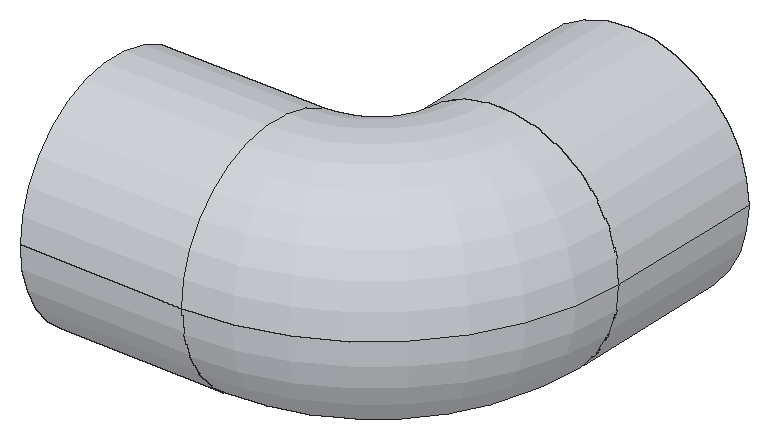
Revit family "Elbow - PVC - Sch 40", category Pipe Fittings, Revit 2019
Family settings
  Round Connector Dimension = Use Radius
  Part Type = Elbow
  OmniClass Number = 23.60.30.11.14
  OmniClass Title = Pipework Fittings
  Work Plane-Based = No
  Always vertical = Yes
  Cut with Voids When Loaded = No
  Shared = No
Parameters (values of type "Standard")
  Tick Size [instance] = Socket Outside Diameter * 0.4  # 0.4376"
  Socket Outside Radius [instance] = Socket Outside Diameter / 2  # 0.547"
  Socket Outside Diameter Not Found [instance] = if(Angle 1 > 45.00°, 1.11 * Nominal Diameter + 69/128", 1.11 * Nominal Diameter + 143/256")  # 1.09406"
  Socket Outside Diameter [instance] = size_lookup(Lookup Table Name, "SOD", Socket Outside Diameter Not Found, Nominal Diameter, Angle 1)  # 1.094"
  Socket Length Not Found [instance] = if(Angle 1 > 45.00°, 0.45 * Nominal Diameter + 131/256", 0.49 * Nominal Diameter + 1/2")  # 0.73672"
  Loss Method = K Coefficient from Table
  Lookup Table Name = "Elbow - PVC - Sch 40"
  Length 1 [instance] = (Socket Outside Diameter / 2 + 1/32") * tan(Angle / 2) + Socket Length  # 1.32825"
  Nominal Radius [instance] = 1/4"
  Nominal Diameter [instance] = Nominal Radius * 2  # 1/2"
  K Coefficient Table = "Regular 45, 90 and 180 Elbow"
  Center to End Not Found [instance] = if(Angle 1 > 45.00°, 1 * Nominal Diameter + 179/256", 0.76 * Nominal Diameter + 39/64")  # 1 51/256"
  Center to End Label [instance] = if(Center to End > Socket Outside Diameter / 2 * tan(Angle / 2) + Socket Length, Center to End, Length 1)  # 1.32825"
  Center to End [instance] = size_lookup(Lookup Table Name, "CtE", Center to End Not Found, Nominal Diameter, Angle 1)  # 1 1/4"
  Center Radius [instance] = (Center to End Label - Socket Length) / tan(Angle / 2)  # 0.57825"
  Socket Length [instance] = size_lookup(Lookup Table Name, "SLgt", Socket Length Not Found, Nominal Diameter, Angle 1)  # 3/4"
  Assembly Code = ""
  Angle 1 [instance] = if(Angle > 45.00°, 90.00°, 45.00°)  # 90.00°
  Angle [instance] = 90.00°
Reference planes (in)
  plane 1 "Center (Front/Back)": y = 0
  plane 2: z = 0
  plane 3 "Center (Left/Right)": x = 0
  plane 4: x = -1.32825
  plane 5: x = -0.57825
  plane 6: y = 0.4376
  plane 7: y = -0.4376
  plane 8: y = 0.57825
Forms (in)
  Sweep 1, solid, detail levels fine
    path in 3D
      loop
        line (-1.32825, 0, 0) -> (-0.57825, 0, 0)
        arc (-0.57825, 0, 0) -> (-0.16937, 0.16937, 0) -> (0, 0.57825, 0) r 0.57825
        line (0, 0.57825, 0) -> (0, 1.32825, 0)
    profile origin (-0.95325, 0, 0) x (0, 1, 0) y (0, 0, 1)
      loop
        circle (0, 0) r 0.547
Lines and regions (in)
  model lines, detail levels coarse+medium
    curve 1: line (-1.32825, 0.4376, 0) -> (-1.32825, -0.4376, 0)
    curve 2: arc (-0.57825, 0, 0) -> (-0.16937, 0.16937, 0) -> (0, 0.57825, 0) r 0.57825
    curve 3: line (-1.32825, 0, 0) -> (-0.57825, 0, 0)
    curve 7: line (0, 0.57825, 0) -> (0, 1.32825, 0)
    curve 13: line (-0.4376, 1.32825, 0) -> (0.4376, 1.32825, 0)
  sketch lines
    curve 4: line (-1.32825, 0, 0) -> (-0.57825, 0, 0)
    curve 5: arc (-0.57825, 0, 0) -> (-0.16937, 0.16937, 0) -> (0, 0.57825, 0) r 0.57825
    curve 10: line (0, 0.57825, 0) -> (0, 1.32825, 0)
  reference lines
    curve 6: line (0, 0, 0) -> (0, 1.75, 0)
    curve 8: line (0, 0, 0) -> (1.14334, 0, 0)
    curve 9: line (-0.4376, 1.32825, 0) -> (2.02753, 1.32825, 0)
    curve 11: line (-0.4376, 0.36732, 0) -> (-0.4376, 1.86732, 0)
    curve 12: line (0.4376, 0.85859, 0) -> (0.4376, 3.44301, 0)
    curve 14: line (-0.57825, 0.57825, 0) -> (1.42175, 0.57825, 0)
Dimensions and locks (in)
  "Center to End Label": plane 4 to plane 3 "Center (Left/Right)"
  "Socket Length": plane 4 to plane 5
  equal spacing: plane 6, plane 1 "Center (Front/Back)", plane 7
  "Tick Size": plane 6 to plane 1 "Center (Front/Back)"
  "Center Radius": plane 8 to plane 1 "Center (Front/Back)"
  "Center to End Label": curve 8 to curve 9
  "Tick Size": curve 6 to curve 11
  "Tick Size": curve 12 to curve 6
  "Center Radius": radius of curve 2
  "Socket Outside Radius": radius of Sweep 1 sketch curve
  "Angle": angle curve 2 to curve 2
  "Angle": angle plane 1 "Center (Front/Back)" to curve 6
  locked: curve 8 to curve 6 (angle 90.00°)
  locked: curve 9 to curve 11 (angle 90.00°)
  locked: curve 9 to curve 12 (angle 90.00°)
  "Angle": angle plane 5 to curve 14
  aligned and locked: plane 6 to curve 1
  aligned and locked: plane 7 to curve 1
  aligned and locked: curve 1 to plane 4
  aligned and locked: plane 8 to curve 2
  aligned and locked: plane 5 to curve 2
  aligned and locked: plane 4 to curve 3
  aligned and locked: plane 5 to curve 3
  aligned and locked: plane 1 "Center (Front/Back)" to curve 3
  aligned and locked: plane 1 "Center (Front/Back)" to curve 6
  aligned and locked: plane 3 "Center (Left/Right)" to curve 6
  aligned and locked: plane 1 "Center (Front/Back)" to curve 8
  aligned and locked: plane 3 "Center (Left/Right)" to curve 8
  aligned and locked: curve 9 to curve 7
  aligned and locked: curve 6 to curve 7
  aligned and locked: curve 12 to curve 13
  aligned and locked: curve 11 to curve 13
  aligned and locked: curve 13 to curve 9
  aligned and locked: plane 8 to curve 14
  aligned and locked: plane 5 to curve 14
  aligned and locked: curve 14 to curve 7
Automatic sketch dimensions
  Sweep 1 sketch curve to profile plane = 0' - 0"  (x2)
  curve 6 to curve 11 = 0' - 0.36732"
  curve 14 to curve 12 = 0' - 0.28034"
Connectors (in)
  piping at (-1.32825, 0, 0), diameter 0.5, driven by "Nominal Radius", driven by "Angle"
    settings: on Sweep 1, index 1, connector inside diameter 1/2", connector length 0' - 0", flow factor 0, pipe flow 0 GPM, pressure drop 0.00 psi, fitting loss kfactor 0, connector angle 90.00°, fixture units 0, engagement length 0' - 0", angle of deflection 0.00°, flow configuration 0, flow direction 0, fitting loss method 0, system type 28, joint type 0, gender type 0, connector reference index 2, connector utility 0, adjustable connector no, is connector primary yes, connector description ""
  piping at (0, 1.32825, 0), diameter 0.5, driven by "Nominal Radius", driven by "Angle"
    settings: on Sweep 1, index 2, connector inside diameter 1/2", connector length 0' - 0", flow factor 0, pipe flow 0 GPM, pressure drop 0.00 psi, fitting loss kfactor 0, connector angle 90.00°, fixture units 0, engagement length 0' - 0", angle of deflection 0.00°, flow configuration 0, flow direction 0, fitting loss method 0, system type 28, joint type 0, gender type 0, connector reference index 1, connector utility 0, adjustable connector no, is connector primary no, connector description ""
